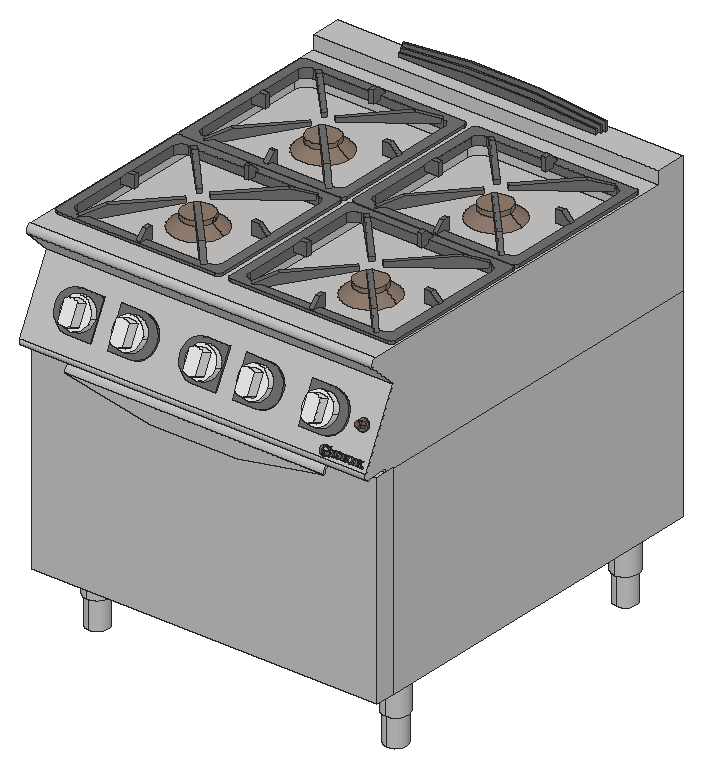
Revit family "QF_GIORIK_CG940E", category Specialty Equipment, Revit 2014
Parameters (values of type "CG940E")
  Weight in Pounds = 374.7854
  Watts = 6000 W
  Volts = 400 V
  URL Cutsheet = "www.giorik.com"
  URL = "www.giorik.com"
  Status [instance] = ""
  Specification by User [instance] = ""
  Specification by Manufacturer = ""
  Show Logo [instance] = yes
  Show Clearance [instance] = yes
  Serial Number = ""
  Seismic Rating = ""
  SMACNA No = ""
  Revision Code [instance] = ""
  Phase = 3
  Number of Poles [instance] = 3
  NAFEM Spec ID Number = ""
  Model = "CG940E"
  Min Ckt Ampacity = 0 A
  Mechanical Remarks [instance] = "Natural Gas"
  Mechanical Connection Type [instance] = ""
  Max Overcurrent Protection = 0 A
  Masterspec = ""
  Manufacturer = "GIORIK"
  Item Number [instance] = ""
  Installed By [instance] = ""
  Identify Quantity as Lot [instance] = no
  HP = "8.046120000000"
  Gas Size = 1"
  Gas RI Height [instance] = 0 mm
  Gas KW = 32
  Gas Input = 32000 W
  Gas Connection Height [instance] = 150 mm
  Furnished By [instance] = ""
  Foodservice Equipment Identifier [instance] = yes
  FL Amps = 0 A
  Electrical Remarks [instance] = ""
  Electric Connection Type [instance] = ""
  Elec Conn RI Height [instance] = 0 mm
  Elec Conn Connection Height [instance] = 150 mm
  Description = "4 BURNER GAS RANGE ON ELECTRIC OVEN"
  Cycle = 50 Hz
  Conn Plug = ""
  Conn Conduit [instance] = no
  CSI MasterFormat = ""
  Assembly Code = "E1090320"
  Apparent Power = 6000 VA
Reference planes
  plane 1 "Back": y = 0
  plane 2: z = 0
  plane 3 "Left": x = 0
  plane 4 "Right": x = 800
  plane 5 "Front": y = -920
  plane 6 "Top": z = 899.988
Forms (mm)
  Extrusion 1, solid
    sketch origin (-16, 358.115, 0) x (1, 0, 0) y (0, 1, 0)
      loop
        line (25, -1086.81) -> (25, -1156.81) -> (115, -1156.81) -> (115, -1086.81) -> (25, -1086.81)
    from 148 to 150
  Revolve 2, solid
    sketch origin (54, 358.115, 0) x (0, 1, 0) y (0, 0, 1)
      loop
        line (-1092.56, 66) -> (-1092.56, 148) -> (-1121.81, 148) -> (-1121.81, 0) -> (-1096.81, 0) -> (-1096.81, 66) -> (-1092.56, 66)
      axis (-1121.81, 0) -> (-1121.81, 148)
    angle from 0 to 360
  Extrusion 3, solid
    sketch origin (-16, 1023.115, 0) x (1, 0, 0) y (0, 1, 0)
      loop
        line (25, -1086.81) -> (25, -1156.81) -> (115, -1156.81) -> (115, -1086.81) -> (25, -1086.81)
    from 148 to 150
  Revolve 4, solid
    sketch origin (54, 1023.115, 0) x (0, 1, 0) y (0, 0, 1)
      loop
        line (-1092.56, 66) -> (-1092.56, 148) -> (-1121.81, 148) -> (-1121.81, 0) -> (-1096.81, 0) -> (-1096.81, 66) -> (-1092.56, 66)
      axis (-1121.81, 0) -> (-1121.81, 148)
    angle from 0 to 360
  Extrusion 5, void
    sketch origin (0, -2.695, 899.988) x (0, 1, 0) y (-1, 0, 0)
      loop
        arc (-120, -50.16) -> (-128.787, -28.947) -> (-150, -20.16) r 30
        line (-150, -20.16) -> (-790.004, -20.16)
        arc (-790.004, -20.16) -> (-811.217, -28.947) -> (-820.004, -50.16) r 30
        line (-820.004, -50.16) -> (-820.004, -352.046)
        arc (-820.004, -352.046) -> (-811.217, -373.259) -> (-790.004, -382.046) r 30
        line (-790.004, -382.046) -> (-150, -382.046)
        arc (-150, -382.046) -> (-128.787, -373.259) -> (-120, -352.046) r 30
        line (-120, -352.046) -> (-120, -50.16)
    from -30 to -70
  Extrusion 6, solid
    sketch origin (0, -2.695, 0) x (1, 0, 0) y (0, 1, 0)
      loop
        line (40, -40) -> (40, -837.167) -> (760, -837.167) -> (760, -40) -> (40, -40)
    from 150 to 190
  Extrusion 7, solid
    sketch origin (-4, -2.717, 130) x (1, 0, 0) y (0, 1, 0)
      loop
        circle (54, -385) r 12.5
    from 0 to 20
  Extrusion 8, solid
    sketch origin (0, -377.247, -30) x (1, 0, 0) y (0, 1, 0)
      loop
        circle (200.046, -276.449) r 35
    from 889.988 to 879.988
  Extrusion 9, solid
    sketch origin (159.325, -432.708, -71.012) x (0, -1, 0) y (0, 0, -1)
      loop
        line (43.989, -935.989) -> (73, -965) -> (79.749, -965) -> (79.749, -935.989) -> (43.989, -935.989)
    from 35.72 to 45.72
  Extrusion 10, solid
    sketch origin (0, -377.247, -30) x (1, 0, 0) y (0, 1, 0)
      loop
        circle (200.046, -276.449) r 35
    from 889.988 to 879.988
  Blend 11, solid
    base sketch origin (0, -377.247, 899.988) x (0, 1, 0) y (-1, 0, 0)
      loop
        circle (-276.449, -200.046) r 60
    top sketch origin (0, -377.247, 899.988) x (0, 1, 0) y (-1, 0, 0)
      loop
        circle (-276.449, -200.046) r 35
    from -70 to -50
  Extrusion 12, solid
    sketch origin (-15.829, -703.415, -71.012) x (1, 0, 0) y (0, 0, -1)
      loop
        line (35.989, -935.989) -> (65, -965) -> (79.749, -965) -> (79.749, -935.989) -> (35.989, -935.989)
    from 35.72 to 45.72
  Extrusion 13, solid
    sketch origin (415.921, -703.415, -71.012) x (-1, 0, 0) y (0, 0, 1)
      loop
        line (35.989, 935.989) -> (79.749, 935.989) -> (79.749, 965) -> (65, 965) -> (35.989, 935.989)
    from 35.72 to 45.72
  Extrusion 14, solid
    sketch origin (0.046, -427.695, 22.988) x (1, 0, 0) y (0, 1, 0)
      loop
        line (8, -55.002) -> (8, -395.004)
        arc (8, -395.004) -> (10.929, -402.075) -> (18, -405.004) r 10
        line (18, -405.004) -> (382, -405.004)
        arc (382, -405.004) -> (389.071, -402.075) -> (392, -395.004) r 10
        line (392, -395.004) -> (392, -55.002)
        arc (392, -55.002) -> (389.071, -47.931) -> (382, -45.002) r 10
        line (382, -45.002) -> (18, -45.002)
        arc (18, -45.002) -> (10.929, -47.931) -> (8, -55.002) r 10
      loop
        arc (49.954, -67.002) -> (35.812, -72.86) -> (29.954, -87.002) r 20
        line (29.954, -87.002) -> (29.954, -365.004)
        arc (29.954, -365.004) -> (35.812, -379.146) -> (49.954, -385.004) r 20
        line (49.954, -385.004) -> (349.954, -385.004)
        arc (349.954, -385.004) -> (364.097, -379.146) -> (369.954, -365.004) r 20
        line (369.954, -365.004) -> (369.954, -87.002)
        arc (369.954, -87.002) -> (364.097, -72.86) -> (349.954, -67.002) r 20
        line (349.954, -67.002) -> (49.954, -67.002)
    from 831.989 to 851.989
  Extrusion 15, solid
    sketch origin (347.736, -432.53, -2.821) x (-0.670885, -0.741561, 0) y (0, 0, -1)
      loop
        line (239.679, -896.808) -> (239.679, -888.14) -> (57.778, -867.797) -> (36.748, -867.797) -> (36.748, -875.452) -> (95.425, -896.808) -> (239.679, -896.808)
    from 30.148 to 40.148
  Extrusion 16, solid
    sketch origin (52.421, -432.594, -2.821) x (0.670878, -0.741568, 0) y (0, 0, 1)
      loop
        line (239.588, 896.808) -> (95.425, 896.808) -> (36.748, 875.452) -> (36.748, 867.797) -> (57.778, 867.797) -> (239.588, 888.13) -> (239.588, 896.808)
    from 30.148 to 40.148
  Extrusion 17, solid
    sketch origin (347.735, -874.862, -2.821) x (-0.670878, 0.741568, 0) y (0, 0, 1)
      loop
        line (239.679, 896.808) -> (95.425, 896.808) -> (36.748, 875.452) -> (36.748, 867.797) -> (57.778, 867.797) -> (239.679, 888.14) -> (239.679, 896.808)
    from 30.148 to 40.148
  Extrusion 18, solid
    sketch origin (52.356, -874.862, -2.821) x (0.670885, 0.741561, 0) y (0, 0, -1)
      loop
        line (239.679, -896.808) -> (239.679, -888.14) -> (57.778, -867.797) -> (36.748, -867.797) -> (36.748, -875.452) -> (95.425, -896.808) -> (239.679, -896.808)
    from 30.148 to 40.148
  Extrusion 19, solid
    sketch origin (240.72, -872.688, -71.012) x (0, 1, 0) y (0, 0, -1)
      loop
        line (35.989, -935.989) -> (65, -965) -> (79.749, -965) -> (79.749, -935.989) -> (35.989, -935.989)
    from 35.72 to 45.72
  Extrusion 20, solid
    sketch origin (159.325, -512.686, -71.012) x (0, 1, 0) y (0, 0, 1)
      loop
        line (44.738, 935.989) -> (79.749, 935.989) -> (79.749, 965) -> (73.749, 965) -> (44.738, 935.989)
    from 35.72 to 45.72
  Extrusion 21, solid
    sketch origin (-15.829, -241.978, -71.012) x (1, 0, 0) y (0, 0, 1)
      loop
        line (35.989, 935.989) -> (79.749, 935.989) -> (79.749, 965) -> (65, 965) -> (35.989, 935.989)
    from 35.72 to 45.72
  Extrusion 22, solid
    sketch origin (415.921, -241.978, -71.012) x (-1, 0, 0) y (0, 0, -1)
      loop
        line (35.989, -935.989) -> (65, -965) -> (79.749, -965) -> (79.749, -935.989) -> (35.989, -935.989)
    from 35.72 to 45.72
  Extrusion 23, solid
    sketch origin (0.046, -517.698, 22.988) x (1, 0, 0) y (0, 1, 0)
      loop
        arc (8, 55.002) -> (10.929, 47.931) -> (18, 45.002) r 10
        line (18, 45.002) -> (382, 45.002)
        arc (382, 45.002) -> (389.071, 47.931) -> (392, 55.002) r 10
        line (392, 55.002) -> (392, 395.004)
        arc (392, 395.004) -> (389.071, 402.075) -> (382, 405.004) r 10
        line (382, 405.004) -> (18, 405.004)
        arc (18, 405.004) -> (10.929, 402.075) -> (8, 395.004) r 10
        line (8, 395.004) -> (8, 55.002)
      loop
        line (49.954, 67.002) -> (349.954, 67.002)
        arc (349.954, 67.002) -> (364.097, 72.86) -> (369.954, 87.002) r 20
        line (369.954, 87.002) -> (369.954, 365.004)
        arc (369.954, 365.004) -> (364.097, 379.146) -> (349.954, 385.004) r 20
        line (349.954, 385.004) -> (49.954, 385.004)
        arc (49.954, 385.004) -> (35.812, 379.146) -> (29.954, 365.004) r 20
        line (29.954, 365.004) -> (29.954, 87.002)
        arc (29.954, 87.002) -> (35.812, 72.86) -> (49.954, 67.002) r 20
    from 831.989 to 851.989
  Extrusion 24, solid
    sketch origin (347.736, -512.863, -2.821) x (-0.670885, 0.741561, 0) y (0, 0, 1)
      loop
        line (239.679, 896.808) -> (95.425, 896.808) -> (36.748, 875.452) -> (36.748, 867.797) -> (57.778, 867.797) -> (239.679, 888.14) -> (239.679, 896.808)
    from 30.148 to 40.148
  Extrusion 25, solid
    sketch origin (52.421, -512.799, -2.821) x (0.670878, 0.741568, 0) y (0, 0, -1)
      loop
        line (239.588, -896.808) -> (239.588, -888.13) -> (57.778, -867.797) -> (36.748, -867.797) -> (36.748, -875.452) -> (95.425, -896.808) -> (239.588, -896.808)
    from 30.148 to 40.148
  Extrusion 26, solid
    sketch origin (347.735, -70.532, -2.821) x (-0.670878, -0.741568, 0) y (0, 0, -1)
      loop
        line (239.679, -896.808) -> (239.679, -888.14) -> (57.778, -867.797) -> (36.748, -867.797) -> (36.748, -875.452) -> (95.425, -896.808) -> (239.679, -896.808)
    from 30.148 to 40.148
  Extrusion 27, solid
    sketch origin (52.356, -70.532, -2.821) x (0.670885, -0.741561, 0) y (0, 0, 1)
      loop
        line (239.679, 896.808) -> (95.425, 896.808) -> (36.748, 875.452) -> (36.748, 867.797) -> (57.778, 867.797) -> (239.679, 888.14) -> (239.679, 896.808)
    from 30.148 to 40.148
  Extrusion 28, solid
    sketch origin (240.72, -72.706, -71.012) x (0, -1, 0) y (0, 0, 1)
      loop
        line (35.989, 935.989) -> (79.749, 935.989) -> (79.749, 965) -> (65, 965) -> (35.989, 935.989)
    from 35.72 to 45.72
  Extrusion 29, solid
    sketch origin (676, 358.115, 0) x (1, 0, 0) y (0, 1, 0)
      loop
        line (25, -1086.81) -> (25, -1156.81) -> (115, -1156.81) -> (115, -1086.81) -> (25, -1086.81)
    from 148 to 150
  Revolve 30, solid
    sketch origin (746, 358.115, 0) x (0, 1, 0) y (0, 0, 1)
      loop
        line (-1092.56, 66) -> (-1092.56, 148) -> (-1121.81, 148) -> (-1121.81, 0) -> (-1096.81, 0) -> (-1096.81, 66) -> (-1092.56, 66)
      axis (-1121.81, 0) -> (-1121.81, 148)
    angle from 0 to 360
  Extrusion 31, solid
    sketch origin (676, 1023.115, 0) x (1, 0, 0) y (0, 1, 0)
      loop
        line (25, -1086.81) -> (25, -1156.81) -> (115, -1156.81) -> (115, -1086.81) -> (25, -1086.81)
    from 148 to 150
  Revolve 32, solid
    sketch origin (746, 1023.115, 0) x (0, 1, 0) y (0, 0, 1)
      loop
        line (-1092.56, 66) -> (-1092.56, 148) -> (-1121.81, 148) -> (-1121.81, 0) -> (-1096.81, 0) -> (-1096.81, 66) -> (-1092.56, 66)
      axis (-1121.81, 0) -> (-1121.81, 148)
    angle from 0 to 360
  Extrusion 33, solid
    sketch origin (559.325, -432.708, -71.012) x (0, -1, 0) y (0, 0, -1)
      loop
        line (35.989, -935.989) -> (65, -965) -> (79.749, -965) -> (79.749, -935.989) -> (35.989, -935.989)
    from 35.72 to 45.72
  Extrusion 34, solid
    sketch origin (384.171, -703.415, -71.012) x (1, 0, 0) y (0, 0, -1)
      loop
        line (35.989, -935.989) -> (65, -965) -> (79.749, -965) -> (79.749, -935.989) -> (35.989, -935.989)
    from 35.72 to 45.72
  Extrusion 35, solid
    sketch origin (815.921, -703.415, -71.012) x (-1, 0, 0) y (0, 0, 1)
      loop
        line (35.989, 935.989) -> (79.749, 935.989) -> (79.749, 965) -> (65, 965) -> (35.989, 935.989)
    from 35.72 to 45.72
  Extrusion 36, solid
    sketch origin (400.046, -427.695, 22.988) x (1, 0, 0) y (0, 1, 0)
      loop
        line (8, -55.002) -> (8, -395.004)
        arc (8, -395.004) -> (10.929, -402.075) -> (18, -405.004) r 10
        line (18, -405.004) -> (382, -405.004)
        arc (382, -405.004) -> (389.071, -402.075) -> (392, -395.004) r 10
        line (392, -395.004) -> (392, -55.002)
        arc (392, -55.002) -> (389.071, -47.931) -> (382, -45.002) r 10
        line (382, -45.002) -> (18, -45.002)
        arc (18, -45.002) -> (10.929, -47.931) -> (8, -55.002) r 10
      loop
        arc (49.954, -67.002) -> (35.812, -72.86) -> (29.954, -87.002) r 20
        line (29.954, -87.002) -> (29.954, -365.004)
        arc (29.954, -365.004) -> (35.812, -379.146) -> (49.954, -385.004) r 20
        line (49.954, -385.004) -> (349.954, -385.004)
        arc (349.954, -385.004) -> (364.097, -379.146) -> (369.954, -365.004) r 20
        line (369.954, -365.004) -> (369.954, -87.002)
        arc (369.954, -87.002) -> (364.097, -72.86) -> (349.954, -67.002) r 20
        line (349.954, -67.002) -> (49.954, -67.002)
    from 831.989 to 851.989
  Extrusion 37, solid
    sketch origin (747.736, -432.53, -2.821) x (-0.670885, -0.741561, 0) y (0, 0, -1)
      loop
        line (239.679, -896.808) -> (239.679, -888.14) -> (57.778, -867.797) -> (36.748, -867.797) -> (36.748, -875.452) -> (95.425, -896.808) -> (239.679, -896.808)
    from 30.148 to 40.148
  Extrusion 38, solid
    sketch origin (452.421, -432.594, -2.821) x (0.670878, -0.741568, 0) y (0, 0, 1)
      loop
        line (239.588, 896.808) -> (95.425, 896.808) -> (36.748, 875.452) -> (36.748, 867.797) -> (57.778, 867.797) -> (239.588, 888.13) -> (239.588, 896.808)
    from 30.148 to 40.148
  Extrusion 39, solid
    sketch origin (747.735, -874.862, -2.821) x (-0.670878, 0.741568, 0) y (0, 0, 1)
      loop
        line (239.679, 896.808) -> (95.425, 896.808) -> (36.748, 875.452) -> (36.748, 867.797) -> (57.778, 867.797) -> (239.679, 888.14) -> (239.679, 896.808)
    from 30.148 to 40.148
  Extrusion 40, solid
    sketch origin (452.356, -874.862, -2.821) x (0.670885, 0.741561, 0) y (0, 0, -1)
      loop
        line (239.679, -896.808) -> (239.679, -888.14) -> (57.778, -867.797) -> (36.748, -867.797) -> (36.748, -875.452) -> (95.425, -896.808) -> (239.679, -896.808)
    from 30.148 to 40.148
  Extrusion 41, solid
    sketch origin (640.72, -872.688, -71.012) x (0, 1, 0) y (0, 0, -1)
      loop
        line (35.989, -935.989) -> (65, -965) -> (79.749, -965) -> (79.749, -935.989) -> (35.989, -935.989)
    from 35.72 to 45.72
  Extrusion 42, solid
    sketch origin (559.325, -512.686, -71.012) x (0, 1, 0) y (0, 0, 1)
      loop
        line (35.989, 935.989) -> (79.749, 935.989) -> (79.749, 965) -> (65, 965) -> (35.989, 935.989)
    from 35.72 to 45.72
  Extrusion 43, solid
    sketch origin (384.171, -241.978, -71.012) x (1, 0, 0) y (0, 0, 1)
      loop
        line (35.989, 935.989) -> (79.749, 935.989) -> (79.749, 965) -> (65, 965) -> (35.989, 935.989)
    from 35.72 to 45.72
  Extrusion 44, solid
    sketch origin (815.921, -241.978, -71.012) x (-1, 0, 0) y (0, 0, -1)
      loop
        line (35.989, -935.989) -> (65, -965) -> (79.749, -965) -> (79.749, -935.989) -> (35.989, -935.989)
    from 35.72 to 45.72
  Extrusion 45, solid
    sketch origin (400.046, -517.698, 22.988) x (1, 0, 0) y (0, 1, 0)
      loop
        arc (8, 55.002) -> (10.929, 47.931) -> (18, 45.002) r 10
        line (18, 45.002) -> (382, 45.002)
        arc (382, 45.002) -> (389.071, 47.931) -> (392, 55.002) r 10
        line (392, 55.002) -> (392, 395.004)
        arc (392, 395.004) -> (389.071, 402.075) -> (382, 405.004) r 10
        line (382, 405.004) -> (18, 405.004)
        arc (18, 405.004) -> (10.929, 402.075) -> (8, 395.004) r 10
        line (8, 395.004) -> (8, 55.002)
      loop
        line (49.954, 67.002) -> (349.954, 67.002)
        arc (349.954, 67.002) -> (364.097, 72.86) -> (369.954, 87.002) r 20
        line (369.954, 87.002) -> (369.954, 365.004)
        arc (369.954, 365.004) -> (364.097, 379.146) -> (349.954, 385.004) r 20
        line (349.954, 385.004) -> (49.954, 385.004)
        arc (49.954, 385.004) -> (35.812, 379.146) -> (29.954, 365.004) r 20
        line (29.954, 365.004) -> (29.954, 87.002)
        arc (29.954, 87.002) -> (35.812, 72.86) -> (49.954, 67.002) r 20
    from 831.989 to 851.989
  Extrusion 46, solid
    sketch origin (747.736, -512.863, -2.821) x (-0.670885, 0.741561, 0) y (0, 0, 1)
      loop
        line (239.679, 896.808) -> (95.425, 896.808) -> (36.748, 875.452) -> (36.748, 867.797) -> (57.778, 867.797) -> (239.679, 888.14) -> (239.679, 896.808)
    from 30.148 to 40.148
  Extrusion 47, solid
    sketch origin (452.421, -512.799, -2.821) x (0.670878, 0.741568, 0) y (0, 0, -1)
      loop
        line (239.588, -896.808) -> (239.588, -888.13) -> (57.778, -867.797) -> (36.748, -867.797) -> (36.748, -875.452) -> (95.425, -896.808) -> (239.588, -896.808)
    from 30.148 to 40.148
  Extrusion 48, solid
    sketch origin (747.735, -70.532, -2.821) x (-0.670878, -0.741568, 0) y (0, 0, -1)
      loop
        line (239.679, -896.808) -> (239.679, -888.14) -> (57.778, -867.797) -> (36.748, -867.797) -> (36.748, -875.452) -> (95.425, -896.808) -> (239.679, -896.808)
    from 30.148 to 40.148
  Extrusion 49, solid
    sketch origin (452.356, -70.532, -2.821) x (0.670885, -0.741561, 0) y (0, 0, 1)
      loop
        line (239.679, 896.808) -> (95.425, 896.808) -> (36.748, 875.452) -> (36.748, 867.797) -> (57.778, 867.797) -> (239.679, 888.14) -> (239.679, 896.808)
    from 30.148 to 40.148
  Extrusion 50, solid
    sketch origin (640.72, -72.706, -71.012) x (0, -1, 0) y (0, 0, 1)
      loop
        line (35.989, 935.989) -> (79.749, 935.989) -> (79.749, 965) -> (65, 965) -> (35.989, 935.989)
    from 35.72 to 45.72
  Blend 51, solid
    base sketch origin (0, -15.249, 899.988) x (0, 1, 0) y (-1, 0, 0)
      loop
        circle (-276.449, -200.046) r 60
    top sketch origin (0, -15.249, 899.988) x (0, 1, 0) y (-1, 0, 0)
      loop
        circle (-276.449, -200.046) r 35
    from -70 to -50
  Extrusion 52, solid
    sketch origin (0, -15.249, -30) x (1, 0, 0) y (0, 1, 0)
      loop
        circle (200.046, -276.449) r 35
    from 889.988 to 879.988
  Blend 53, solid
    base sketch origin (400, -377.247, 899.988) x (0, 1, 0) y (-1, 0, 0)
      loop
        circle (-276.449, -200.046) r 60
    top sketch origin (400, -377.247, 899.988) x (0, 1, 0) y (-1, 0, 0)
      loop
        circle (-276.449, -200.046) r 35
    from -70 to -50
  Extrusion 54, solid
    sketch origin (400, -377.247, -30) x (1, 0, 0) y (0, 1, 0)
      loop
        circle (200.046, -276.449) r 35
    from 889.988 to 879.988
  Blend 55, solid
    base sketch origin (400, -15.249, 899.988) x (0, 1, 0) y (-1, 0, 0)
      loop
        circle (-276.449, -200.046) r 60
    top sketch origin (400, -15.249, 899.988) x (0, 1, 0) y (-1, 0, 0)
      loop
        circle (-276.449, -200.046) r 35
    from -70 to -50
  Extrusion 56, solid
    sketch origin (400, -15.249, -30) x (1, 0, 0) y (0, 1, 0)
      loop
        circle (200.046, -276.449) r 35
    from 889.988 to 879.988
  Extrusion 57, solid
    sketch origin (0, -2.695, 599.536) x (1, 0, 0) y (0, 1, 0)
      loop
        line (0, -837.167) -> (40, -837.167) -> (40, -40) -> (760, -40) -> (760, -837.167) -> (800, -837.167) -> (800, 2.695) -> (0, 2.695) -> (0, -837.167)
    from -449.536 to 20.464
  Extrusion 58, solid
    sketch origin (0, 802.838, -20) x (0, 1, 0) y (0, 0, 1)
      loop
        line (-802.838, 919.988) -> (-872.836, 919.988) -> (-872.836, 889.988) -> (-1691.506, 889.988)
        arc (-1691.506, 889.988) -> (-1701.851, 883.075) -> (-1699.424, 870.873) r 11.197
        line (-1699.424, 870.873) -> (-1643.576, 815.025) -> (-1721.648, 661.258)
        arc (-1721.648, 661.258) -> (-1720.933, 650.105) -> (-1710.818, 645.354) r 10.981
        line (-1710.818, 645.354) -> (-1662.7, 649.925) -> (-1662.7, 640) -> (-802.838, 640) -> (-802.838, 919.988)
    from 0 to 800
  Extrusion 59, solid
    sketch origin (36.194, -2.56, -10.001) x (1, 0, 0) y (0, 0, 1)
      loop
        line (135, 909.989) -> (592.969, 909.989) -> (592.969, 919.989) -> (440.969, 929.989) -> (287, 929.989) -> (135, 919.989) -> (135, 909.989)
    from 32 to 35
  Extrusion 60, solid
    sketch origin (38.163, 7.44, -10.001) x (1, 0, 0) y (0, 0, 1)
      loop
        line (594, 909.989) -> (594, 924.989) -> (440, 937.489) -> (284, 937.489) -> (130, 925.001) -> (130, 909.989) -> (594, 909.989)
    from 32 to 35
  Extrusion 61, solid
    sketch origin (40.163, 17.44, -10.001) x (1, 0, 0) y (0, 0, 1)
      loop
        line (595, 909.989) -> (595, 930.001) -> (439, 945.258) -> (281, 945.258) -> (125, 929.989) -> (125, 909.989) -> (595, 909.989)
    from 32 to 35
  Extrusion 62, solid
    sketch origin (0, -924.862, 0) x (1, 0, 0) y (0, 0, 1)
      loop
        line (0, 620) -> (0, 150) -> (800, 150) -> (800, 620) -> (0, 620)
    from -85 to -40
  Extrusion 63, solid
    sketch origin (2.5, -924.862, -20.1) x (0, 1, 0) y (0, 0, 1)
      loop
        arc (25, 640.1) -> (14.393, 635.707) -> (10, 625.1) r 15
        line (10, 625.1) -> (12, 625.1)
        arc (12, 625.1) -> (15.808, 634.292) -> (25, 638.1) r 13
        line (25, 638.1) -> (40, 638.1) -> (40, 640.1) -> (25, 640.1)
    from 97.5 to 697.5
  Extrusion 64, solid
    sketch origin (2.5, -924.767, -20.1) x (1, 0, 0) y (0, 0, 1)
      loop
        arc (97.5, 625.1) -> (397.5, 582.413) -> (697.5, 625.1) r 1075.531
        line (697.5, 625.1) -> (97.5, 625.1)
    from -11.905 to -9.905
  Extrusion 65, solid, visible <- "Show Clearance", detail levels coarse
    sketch origin (0, -199.862, 0) x (0, 1, 0) y (0, 0, 1)
      loop
        line (-685, 150) -> (-685, 620)
        arc (-685, 620) -> (-1017.34, 482.34) -> (-1155, 150) r 470
        line (-1155, 150) -> (-685, 150)
    from 0 to 800
  Extrusion 66, solid
    sketch origin (-313.221, -1164.399, 51.983) x (1, 0, 0) y (0, 0.452718, 0.891654)
      loop
        line (463.221, 676.25) -> (463.221, 766.25) -> (409.698, 766.25)
        arc (409.698, 766.25) -> (364.698, 721.25) -> (409.698, 676.25) r 45
        line (409.698, 676.25) -> (463.221, 676.25)
    from 48 to 50
  Extrusion 67, solid
    sketch origin (653.221, -1164.399, 51.983) x (-1, 0, 0) y (0, -0.452718, -0.891654)
      loop
        line (463.221, -676.25) -> (409.698, -676.25)
        arc (409.698, -676.25) -> (364.698, -721.25) -> (409.698, -766.25) r 45
        line (409.698, -766.25) -> (463.221, -766.25) -> (463.221, -676.25)
    from 48 to 50
  Extrusion 68, solid
    sketch origin (-121.331, -1209.751, 74.579) x (1, 0, 0) y (0, 0.45351, 0.891251)
      loop
        circle (351.331, 721.346) r 35
    from 0 to 15
  Extrusion 69, solid
    sketch origin (-121.331, -1209.751, 74.579) x (1, 0, 0) y (0, 0.45351, 0.891251)
      loop
        line (336.331, 743.846) -> (336.331, 698.846)
        arc (336.331, 698.846) -> (351.331, 693.846) -> (366.331, 698.846) r 25
        line (366.331, 698.846) -> (366.331, 743.846)
        arc (366.331, 743.846) -> (351.331, 748.846) -> (336.331, 743.846) r 25
    from 15 to 40
  Extrusion 70, solid, visible <- "Show Logo"
    sketch origin (596.604, -937.204, 608.344) x (-1, 0, 0) y (0, 0.452718, 0.891654)
      loop
        line (-118.824, 58.358) -> (-127.804, 58.358) -> (-125.523, 56.445) -> (-125.523, 48.027) -> (-127.804, 46.113) -> (-118.824, 46.113) -> (-121.105, 48.027) -> (-121.105, 56.445) -> (-118.824, 58.358)
      loop
        line (-163.721, 58.358) -> (-172.7, 58.358) -> (-170.42, 56.445) -> (-170.42, 48.027) -> (-172.7, 46.113) -> (-163.721, 46.113) -> (-166.001, 48.027) -> (-166.001, 56.445) -> (-163.721, 58.358)
      loop
        line (-174.332, 58.358) -> (-183.312, 58.358) -> (-181.031, 56.445) -> (-181.031, 52.435) -> (-186.419, 56.955) -> (-184.416, 58.358) -> (-191.268, 58.358) -> (-188.01, 56.839) -> (-185.455, 54.283) -> (-190.846, 47.858) -> (-193.396, 46.93) -> (-193.396, 46.113) -> (-184.416, 46.113) -> (-185.437, 47.571) -> (-182.443, 51.552) -> (-181.031, 50.894) -> (-181.031, 48.027) -> (-183.312, 46.113) -> (-174.332, 46.113) -> (-176.613, 48.027) -> (-176.613, 56.445) -> (-174.332, 58.358)
      loop
        line (-115.429, 62.063) -> (-115.429, 54.198)
        arc (-115.429, 54.198) -> (-111.618, 57.803) -> (-106.847, 59.986) r 16.039
        arc (-106.847, 59.986) -> (-103.314, 59.837) -> (-100.512, 57.68) r 5.851
        arc (-100.512, 57.68) -> (-98.815, 52.267) -> (-100.512, 46.853) r 9.479
        arc (-100.512, 46.853) -> (-102.406, 44.986) -> (-104.846, 43.93) r 7.236
        arc (-104.846, 43.93) -> (-107.728, 44.111) -> (-110.052, 45.825) r 5.11
        line (-110.052, 45.825) -> (-110.052, 52.001) -> (-116.141, 52.001) -> (-116.141, 45.503) -> (-117.893, 43.751) -> (-114.094, 44.769)
        arc (-114.094, 44.769) -> (-112.56, 44.947) -> (-111.129, 44.366) r 3.115
        arc (-111.129, 44.366) -> (-104.216, 42.091) -> (-97.303, 44.366) r 11.641
        arc (-97.303, 44.366) -> (-93.396, 52.107) -> (-97.303, 59.849) r 9.622
        arc (-97.303, 59.849) -> (-104.369, 62.174) -> (-111.435, 59.849) r 11.898
        line (-111.435, 59.849) -> (-115.429, 62.063)
      loop
        arc (-129.234, 56.068) -> (-135.893, 58.628) -> (-142.552, 56.068) r 9.941
        arc (-142.552, 56.068) -> (-144.234, 52.286) -> (-142.552, 48.505) r 5.093
        arc (-142.552, 48.505) -> (-135.893, 45.945) -> (-129.234, 48.505) r 9.941
        arc (-129.234, 48.505) -> (-127.552, 52.286) -> (-129.234, 56.068) r 5.093
      loop
        arc (-132.628, 54.403) -> (-135.893, 57.668) -> (-139.158, 54.403) r 3.265
        line (-139.158, 54.403) -> (-139.158, 50.169)
        arc (-139.158, 50.169) -> (-135.893, 46.904) -> (-132.628, 50.169) r 3.265
        line (-132.628, 50.169) -> (-132.628, 54.403)
      loop
        arc (-156.363, 58.365) -> (-159.647, 55.081) -> (-156.363, 51.796) r 3.285
        line (-156.363, 51.796) -> (-159.529, 47.306) -> (-162.087, 46.113) -> (-155.847, 46.113) -> (-153.529, 51.083) -> (-150.637, 51.083) -> (-150.637, 47.784) -> (-153.022, 46.113) -> (-144.011, 46.113) -> (-146.094, 47.68) -> (-146.094, 56.493) -> (-144.229, 58.365) -> (-156.363, 58.365)
      loop
        line (-150.637, 57.512) -> (-153.637, 57.512)
        arc (-153.637, 57.512) -> (-156.237, 54.912) -> (-153.637, 52.312) r 2.6
        line (-153.637, 52.312) -> (-150.637, 52.312) -> (-150.637, 57.512)
      loop
        line (-108.924, 52.001) -> (-104.936, 49.005) -> (-100.948, 52.001) -> (-108.924, 52.001)
    from 1.5 to -0.5
  Extrusion 71, solid
    sketch origin (461.331, -1209.751, 74.579) x (-1, 0, 0) y (0, -0.45351, -0.891251)
      loop
        circle (351.331, -721.346) r 35
    from 0 to 15
  Extrusion 72, solid
    sketch origin (461.331, -1209.751, 74.579) x (-1, 0, 0) y (0, -0.45351, -0.891251)
      loop
        arc (336.331, -743.846) -> (351.331, -748.846) -> (366.331, -743.846) r 25
        line (366.331, -743.846) -> (366.331, -698.846)
        arc (366.331, -698.846) -> (351.331, -693.846) -> (336.331, -698.846) r 25
        line (336.331, -698.846) -> (336.331, -743.846)
    from 15 to 40
  Extrusion 73, solid
    sketch origin (943.221, -1164.399, 51.983) x (-1, 0, 0) y (0, -0.452718, -0.891654)
      loop
        line (463.221, -676.25) -> (409.698, -676.25)
        arc (409.698, -676.25) -> (364.698, -721.25) -> (409.698, -766.25) r 45
        line (409.698, -766.25) -> (463.221, -766.25) -> (463.221, -676.25)
    from 48 to 50
  Extrusion 74, solid
    sketch origin (-23.221, -1164.399, 51.983) x (1, 0, 0) y (0, 0.452718, 0.891654)
      loop
        line (463.221, 676.25) -> (463.221, 766.25) -> (409.698, 766.25)
        arc (409.698, 766.25) -> (364.698, 721.25) -> (409.698, 676.25) r 45
        line (409.698, 676.25) -> (463.221, 676.25)
    from 48 to 50
  Extrusion 75, solid
    sketch origin (751.331, -1209.751, 74.579) x (-1, 0, 0) y (0, -0.45351, -0.891251)
      loop
        circle (351.331, -721.346) r 35
    from 0 to 15
  Extrusion 76, solid
    sketch origin (751.331, -1209.751, 74.579) x (-1, 0, 0) y (0, -0.45351, -0.891251)
      loop
        arc (336.331, -743.846) -> (351.331, -748.846) -> (366.331, -743.846) r 25
        line (366.331, -743.846) -> (366.331, -698.846)
        arc (366.331, -698.846) -> (351.331, -693.846) -> (336.331, -698.846) r 25
        line (336.331, -698.846) -> (336.331, -743.846)
    from 15 to 40
  Extrusion 77, solid
    sketch origin (168.669, -1209.751, 74.579) x (1, 0, 0) y (0, 0.45351, 0.891251)
      loop
        circle (351.331, 721.346) r 35
    from 0 to 15
  Extrusion 78, solid
    sketch origin (168.669, -1209.751, 74.579) x (1, 0, 0) y (0, 0.45351, 0.891251)
      loop
        line (336.331, 743.846) -> (336.331, 698.846)
        arc (336.331, 698.846) -> (351.331, 693.846) -> (366.331, 698.846) r 25
        line (366.331, 698.846) -> (366.331, 743.846)
        arc (366.331, 743.846) -> (351.331, 748.846) -> (336.331, 743.846) r 25
    from 15 to 40
  Extrusion 79, solid
    sketch origin (1095.078, -1164.399, 51.53) x (-1, 0, 0) y (0, -0.452718, -0.891654)
      loop
        line (463.221, -676.25) -> (409.698, -676.25)
        arc (409.698, -676.25) -> (364.698, -721.25) -> (409.698, -766.25) r 45
        line (409.698, -766.25) -> (463.221, -766.25) -> (463.221, -676.25)
    from 48 to 50
  Extrusion 80, solid
    sketch origin (320.526, -1209.751, 74.126) x (1, 0, 0) y (0, 0.45351, 0.891251)
      loop
        circle (351.331, 721.346) r 35
    from 0 to 15
  Extrusion 81, solid
    sketch origin (320.526, -1209.751, 74.126) x (1, 0, 0) y (0, 0.45351, 0.891251)
      loop
        line (336.331, 743.846) -> (336.331, 698.846)
        arc (336.331, 698.846) -> (351.331, 693.846) -> (366.331, 698.846) r 25
        line (366.331, 698.846) -> (366.331, 743.846)
        arc (366.331, 743.846) -> (351.331, 748.846) -> (336.331, 743.846) r 25
    from 15 to 40
  Extrusion 82, solid
    sketch origin (726.798, -1181.573, 70.024) x (1, 0, 0) y (0, 0.452718, 0.891654)
      loop
        circle (38.702, 711.666) r 12.5
    from 25 to 27
  Extrusion 83, solid
    sketch origin (0.59, -1208.555, 76.521) x (1, 0, 0) y (0, 0.452718, 0.891654)
      loop
        circle (764.91, 718.089) r 6
    from 0 to 15
  Extrusion 84, solid
    sketch origin (0.59, -1209.591, 77.047) x (1, 0, 0) y (0, 0.452718, 0.891654)
      loop
        circle (764.91, 718.089) r 6
    from 13.838 to 15.838
  Extrusion 85, solid
    sketch origin (-143.332, -285.153, 100) x (0, 1, 0) y (-1, 0, 0)
      loop
        circle (-412.542, -898.332) r 10
    from 30 to 50
  Extrusion 86, void
    sketch origin (0, -2.695, 899.988) x (0, 1, 0) y (-1, 0, 0)
      loop
        arc (-120, -451.351) -> (-128.787, -430.138) -> (-150, -421.351) r 30
        line (-150, -421.351) -> (-790.004, -421.351)
        arc (-790.004, -421.351) -> (-811.217, -430.138) -> (-820.004, -451.351) r 30
        line (-820.004, -451.351) -> (-820.004, -751.351)
        arc (-820.004, -751.351) -> (-811.217, -772.565) -> (-790.004, -781.351) r 30
        line (-790.004, -781.351) -> (-150, -781.351)
        arc (-150, -781.351) -> (-128.787, -772.565) -> (-120, -751.351) r 30
        line (-120, -751.351) -> (-120, -451.351)
    from -70 to -30
Cuts and joins
  Extrusion 5, Extrusion 86 cuts Extrusion 58
Lines and regions (mm)
  symbolic lines, style "200-EquipBorder-2D"
    curve 1: line (0, -920, 899.988) -> (0, 0, 899.988)
    curve 72: line (800, 0, 899.988) -> (800, -920, 899.988)
    curve 209: line (800, 0, 899.988) -> (0, 0, 899.988)
    curve 210: line (0, -920, 899.988) -> (800, -920, 899.988)
    curve 211: line (95, -928.467, 899.988) -> (95, -920, 899.988)
    curve 212: line (125, -928.467, 899.988) -> (125, -920, 899.988)
    curve 213: line (215, -928.467, 899.988) -> (215, -920, 899.988)
    curve 214: line (245, -928.467, 899.988) -> (245, -920, 899.988)
    curve 215: line (385, -928.467, 899.988) -> (385, -920, 899.988)
    curve 216: line (415, -928.467, 899.988) -> (415, -920, 899.988)
    curve 217: line (505, -928.467, 899.988) -> (505, -920, 899.988)
    curve 218: line (535, -928.467, 899.988) -> (535, -920, 899.988)
    curve 219: line (656.857, -928.467, 899.988) -> (656.857, -920, 899.988)
    curve 220: line (686.857, -928.467, 899.988) -> (686.857, -920, 899.988)
    curve 221: arc (686.857, -928.467, 899.988) -> (671.857, -930.905, 899.988) -> (656.857, -928.467, 899.988) r 47.374
    curve 222: arc (535, -928.467, 899.988) -> (520, -930.827, 899.988) -> (505, -928.467, 899.988) r 48.856
    curve 223: arc (415, -928.467, 899.988) -> (400, -931.082, 899.988) -> (385, -928.467, 899.988) r 44.33
    curve 224: arc (245, -928.467, 899.988) -> (230, -930.792, 899.988) -> (215, -928.467, 899.988) r 49.548
    curve 225: arc (95, -928.467, 899.988) -> (110, -930.871, 899.988) -> (125, -928.467, 899.988) r 47.998
  symbolic lines, style "200-EquipInternal-2D"
    curve 2: line (67.949, -450.697, 899.988) -> (190.798, -314.903, 899.988)
    curve 3: line (183.382, -308.194, 899.988) -> (54.464, -450.697, 899.988)
    curve 4: line (190.798, -314.903, 899.988) -> (183.382, -308.194, 899.988)
    curve 5: line (183.381, -275.203, 899.988) -> (190.796, -268.494, 899.988)
    curve 6: line (54.455, -132.695, 899.988) -> (183.381, -275.203, 899.988)
    curve 7: line (190.796, -268.494, 899.988) -> (67.94, -132.695, 899.988)
    curve 8: line (332.152, -132.695, 899.988) -> (209.296, -268.496, 899.988)
    curve 9: line (209.296, -268.496, 899.988) -> (216.712, -275.204, 899.988)
    curve 10: line (216.712, -275.204, 899.988) -> (345.637, -132.695, 899.988)
    curve 11: line (216.711, -308.192, 899.988) -> (209.295, -314.901, 899.988)
    curve 12: line (209.295, -314.901, 899.988) -> (332.148, -450.697, 899.988)
    curve 13: line (345.633, -450.697, 899.988) -> (216.711, -308.192, 899.988)
    curve 14: line (336.172, -277.698, 899.988) -> (336.172, -287.698, 899.988)
    curve 15: line (336.172, -287.698, 899.988) -> (370, -287.698, 899.988)
    curve 16: line (370, -277.698, 899.988) -> (336.172, -277.698, 899.988)
    curve 17: line (195, -152.454, 899.988) -> (205, -152.454, 899.988)
    curve 18: line (205, -152.454, 899.988) -> (205, -132.695, 899.988)
    curve 19: line (195, -132.695, 899.988) -> (195, -152.454, 899.988)
    curve 20: line (63.919, -277.698, 899.988) -> (30, -277.698, 899.988)
    curve 21: line (30, -287.698, 899.988) -> (63.919, -287.698, 899.988)
    curve 22: line (63.919, -287.698, 899.988) -> (63.919, -277.698, 899.988)
    curve 23: line (392.046, -462.697, 899.988) -> (392.046, -122.695, 899.988)
    curve 24: arc (392.046, -122.695, 899.988) -> (389.117, -115.624, 899.988) -> (382.046, -112.695, 899.988) r 10
    curve 25: line (382.046, -112.695, 899.988) -> (18.046, -112.695, 899.988)
    curve 26: line (50, -132.695, 899.988) -> (350, -132.695, 899.988)
    curve 27: arc (350, -132.695, 899.988) -> (364.142, -138.553, 899.988) -> (370, -152.695, 899.988) r 20
    curve 28: line (370, -152.695, 899.988) -> (370, -430.697, 899.988)
    curve 29: line (8.046, -122.695, 899.988) -> (8.046, -462.697, 899.988)
    curve 30: arc (18.046, -112.695, 899.988) -> (10.975, -115.624, 899.988) -> (8.046, -122.695, 899.988) r 10
    curve 31: line (30, -430.697, 899.988) -> (30, -152.695, 899.988)
    curve 32: arc (30, -152.695, 899.988) -> (35.858, -138.553, 899.988) -> (50, -132.695, 899.988) r 20
    curve 33: arc (8.046, -462.697, 899.988) -> (10.975, -469.768, 899.988) -> (18.046, -472.697, 899.988) r 10
    curve 34: line (18.046, -472.697, 899.988) -> (382.046, -472.697, 899.988)
    curve 35: line (350, -450.697, 899.988) -> (50, -450.697, 899.988)
    curve 36: arc (50, -450.697, 899.988) -> (35.858, -444.839, 899.988) -> (30, -430.697, 899.988) r 20
    curve 37: arc (370, -430.697, 899.988) -> (364.142, -444.839, 899.988) -> (350, -450.697, 899.988) r 20
    curve 38: arc (382.046, -472.697, 899.988) -> (389.117, -469.768, 899.988) -> (392.046, -462.697, 899.988) r 10
    curve 39: arc (392.046, -482.697, 899.988) -> (389.117, -475.626, 899.988) -> (382.046, -472.697, 899.988) r 10
    curve 40: line (392.046, -822.699, 899.988) -> (392.046, -482.697, 899.988)
    curve 41: arc (350, -494.697, 899.988) -> (364.142, -500.555, 899.988) -> (370, -514.697, 899.988) r 20
    curve 42: line (50, -494.697, 899.988) -> (350, -494.697, 899.988)
    curve 43: line (370, -514.697, 899.988) -> (370, -792.699, 899.988)
    curve 44: arc (370, -792.699, 899.988) -> (364.142, -806.841, 899.988) -> (350, -812.699, 899.988) r 20
    curve 45: line (350, -812.699, 899.988) -> (50, -812.699, 899.988)
    curve 46: line (18.046, -832.699, 899.988) -> (382.046, -832.699, 899.988)
    curve 47: arc (382.046, -832.699, 899.988) -> (389.117, -829.77, 899.988) -> (392.046, -822.699, 899.988) r 10
    curve 48: arc (18.046, -472.697, 899.988) -> (10.975, -475.626, 899.988) -> (8.046, -482.697, 899.988) r 10
    curve 49: line (8.046, -482.697, 899.988) -> (8.046, -822.699, 899.988)
    curve 50: arc (30, -514.697, 899.988) -> (35.858, -500.555, 899.988) -> (50, -494.697, 899.988) r 20
    curve 51: line (30, -792.699, 899.988) -> (30, -514.697, 899.988)
    curve 52: arc (50, -812.699, 899.988) -> (35.858, -806.841, 899.988) -> (30, -792.699, 899.988) r 20
    curve 53: arc (8.046, -822.699, 899.988) -> (10.975, -829.77, 899.988) -> (18.046, -832.699, 899.988) r 10
    curve 54: line (195, -792.939, 899.988) -> (195, -812.699, 899.988)
    curve 55: line (205, -812.699, 899.988) -> (205, -792.939, 899.988)
    curve 56: line (205, -792.939, 899.988) -> (195, -792.939, 899.988)
    curve 57: line (183.381, -670.19, 899.988) -> (54.455, -812.699, 899.988)
    curve 58: line (67.94, -812.699, 899.988) -> (190.796, -676.899, 899.988)
    curve 59: line (190.796, -676.899, 899.988) -> (183.381, -670.19, 899.988)
    curve 60: line (30, -667.695, 899.988) -> (63.919, -667.695, 899.988)
    curve 61: line (63.919, -657.695, 899.988) -> (30, -657.695, 899.988)
    curve 62: line (63.919, -667.695, 899.988) -> (63.919, -657.695, 899.988)
    curve 63: line (190.798, -630.491, 899.988) -> (67.949, -494.697, 899.988)
    curve 64: line (54.464, -494.697, 899.988) -> (183.382, -637.199, 899.988)
    curve 65: line (183.382, -637.199, 899.988) -> (190.798, -630.491, 899.988)
    curve 66: line (209.295, -630.492, 899.988) -> (216.711, -637.201, 899.988)
    curve 67: line (216.711, -637.201, 899.988) -> (345.633, -494.697, 899.988)
    curve 68: line (332.148, -494.697, 899.988) -> (209.295, -630.492, 899.988)
    curve 69: line (216.712, -670.189, 899.988) -> (209.296, -676.898, 899.988)
    curve 70: line (209.296, -676.898, 899.988) -> (332.152, -812.699, 899.988)
    curve 71: line (345.637, -812.699, 899.988) -> (216.712, -670.189, 899.988)
    curve 73: line (467.949, -450.697, 899.988) -> (590.798, -314.903, 899.988)
    curve 74: line (583.382, -308.194, 899.988) -> (454.464, -450.697, 899.988)
    curve 75: line (590.798, -314.903, 899.988) -> (583.382, -308.194, 899.988)
    curve 76: line (583.381, -275.203, 899.988) -> (590.796, -268.494, 899.988)
    curve 77: line (454.455, -132.695, 899.988) -> (583.381, -275.203, 899.988)
    curve 78: line (590.796, -268.494, 899.988) -> (467.94, -132.695, 899.988)
    curve 79: line (732.152, -132.695, 899.988) -> (609.296, -268.496, 899.988)
    curve 80: line (609.296, -268.496, 899.988) -> (616.712, -275.204, 899.988)
    curve 81: line (616.712, -275.204, 899.988) -> (745.637, -132.695, 899.988)
    curve 82: line (616.711, -308.192, 899.988) -> (609.295, -314.901, 899.988)
    curve 83: line (609.295, -314.901, 899.988) -> (732.148, -450.697, 899.988)
    curve 84: line (745.633, -450.697, 899.988) -> (616.711, -308.192, 899.988)
    curve 85: line (736.172, -277.698, 899.988) -> (736.172, -287.698, 899.988)
    curve 86: line (736.172, -287.698, 899.988) -> (770, -287.698, 899.988)
    curve 87: line (770, -277.698, 899.988) -> (736.172, -277.698, 899.988)
    curve 88: line (595, -152.454, 899.988) -> (605, -152.454, 899.988)
    curve 89: line (605, -152.454, 899.988) -> (605, -132.695, 899.988)
    curve 90: line (595, -132.695, 899.988) -> (595, -152.454, 899.988)
    curve 91: line (463.919, -277.698, 899.988) -> (430, -277.698, 899.988)
    curve 92: line (430, -287.698, 899.988) -> (463.919, -287.698, 899.988)
    curve 93: line (463.919, -287.698, 899.988) -> (463.919, -277.698, 899.988)
    curve 94: line (792.046, -462.697, 899.988) -> (792.046, -122.695, 899.988)
    curve 95: arc (792.046, -122.695, 899.988) -> (789.117, -115.624, 899.988) -> (782.046, -112.695, 899.988) r 10
    curve 96: line (782.046, -112.695, 899.988) -> (418.046, -112.695, 899.988)
    curve 97: line (450, -132.695, 899.988) -> (750, -132.695, 899.988)
    curve 98: arc (750, -132.695, 899.988) -> (764.142, -138.553, 899.988) -> (770, -152.695, 899.988) r 20
    curve 99: line (770, -152.695, 899.988) -> (770, -430.697, 899.988)
    curve 100: line (408.046, -122.695, 899.988) -> (408.046, -462.697, 899.988)
    curve 101: arc (418.046, -112.695, 899.988) -> (410.975, -115.624, 899.988) -> (408.046, -122.695, 899.988) r 10
    curve 102: line (430, -430.697, 899.988) -> (430, -152.695, 899.988)
    curve 103: arc (430, -152.695, 899.988) -> (435.858, -138.553, 899.988) -> (450, -132.695, 899.988) r 20
    curve 104: arc (408.046, -462.697, 899.988) -> (410.975, -469.768, 899.988) -> (418.046, -472.697, 899.988) r 10
    curve 105: line (418.046, -472.697, 899.988) -> (782.046, -472.697, 899.988)
    curve 106: line (750, -450.697, 899.988) -> (450, -450.697, 899.988)
    curve 107: arc (450, -450.697, 899.988) -> (435.858, -444.839, 899.988) -> (430, -430.697, 899.988) r 20
    curve 108: arc (770, -430.697, 899.988) -> (764.142, -444.839, 899.988) -> (750, -450.697, 899.988) r 20
    curve 109: arc (782.046, -472.697, 899.988) -> (789.117, -469.768, 899.988) -> (792.046, -462.697, 899.988) r 10
    curve 110: arc (792.046, -482.697, 899.988) -> (789.117, -475.626, 899.988) -> (782.046, -472.697, 899.988) r 10
    curve 111: line (792.046, -822.699, 899.988) -> (792.046, -482.697, 899.988)
    curve 112: arc (750, -494.697, 899.988) -> (764.142, -500.555, 899.988) -> (770, -514.697, 899.988) r 20
    curve 113: line (450, -494.697, 899.988) -> (750, -494.697, 899.988)
    curve 114: line (770, -514.697, 899.988) -> (770, -792.699, 899.988)
    curve 115: arc (770, -792.699, 899.988) -> (764.142, -806.841, 899.988) -> (750, -812.699, 899.988) r 20
    curve 116: line (750, -812.699, 899.988) -> (450, -812.699, 899.988)
    curve 117: line (418.046, -832.699, 899.988) -> (782.046, -832.699, 899.988)
    curve 118: arc (782.046, -832.699, 899.988) -> (789.117, -829.77, 899.988) -> (792.046, -822.699, 899.988) r 10
    curve 119: arc (418.046, -472.697, 899.988) -> (410.975, -475.626, 899.988) -> (408.046, -482.697, 899.988) r 10
    curve 120: line (408.046, -482.697, 899.988) -> (408.046, -822.699, 899.988)
    curve 121: arc (430, -514.697, 899.988) -> (435.858, -500.555, 899.988) -> (450, -494.697, 899.988) r 20
    curve 122: line (430, -792.699, 899.988) -> (430, -514.697, 899.988)
    curve 123: arc (450, -812.699, 899.988) -> (435.858, -806.841, 899.988) -> (430, -792.699, 899.988) r 20
    curve 124: arc (408.046, -822.699, 899.988) -> (410.975, -829.77, 899.988) -> (418.046, -832.699, 899.988) r 10
    curve 125: line (595, -792.939, 899.988) -> (595, -812.699, 899.988)
    curve 126: line (605, -812.699, 899.988) -> (605, -792.939, 899.988)
    curve 127: line (605, -792.939, 899.988) -> (595, -792.939, 899.988)
    curve 128: line (583.381, -670.19, 899.988) -> (454.455, -812.699, 899.988)
    curve 129: line (467.94, -812.699, 899.988) -> (590.796, -676.899, 899.988)
    curve 130: line (590.796, -676.899, 899.988) -> (583.381, -670.19, 899.988)
    curve 131: line (430, -667.695, 899.988) -> (463.919, -667.695, 899.988)
    curve 132: line (463.919, -657.695, 899.988) -> (430, -657.695, 899.988)
    curve 133: line (463.919, -667.695, 899.988) -> (463.919, -657.695, 899.988)
    curve 134: line (590.798, -630.491, 899.988) -> (467.949, -494.697, 899.988)
    curve 135: line (454.464, -494.697, 899.988) -> (583.382, -637.199, 899.988)
    curve 136: line (583.382, -637.199, 899.988) -> (590.798, -630.491, 899.988)
    curve 137: line (609.295, -630.492, 899.988) -> (616.711, -637.201, 899.988)
    curve 138: line (616.711, -637.201, 899.988) -> (745.633, -494.697, 899.988)
    curve 139: line (732.148, -494.697, 899.988) -> (609.295, -630.492, 899.988)
    curve 140: line (616.712, -670.189, 899.988) -> (609.296, -676.898, 899.988)
    curve 141: line (609.296, -676.898, 899.988) -> (732.152, -812.699, 899.988)
    curve 142: line (745.637, -812.699, 899.988) -> (616.712, -670.189, 899.988)
    curve 143: line (165.163, -14.56, 900) -> (635.163, -14.56, 900)
    curve 144: line (635.163, -17.56, 900) -> (165.163, -17.56, 900)
    curve 145: line (165.163, -17.56, 900) -> (165.163, -14.56, 900)
    curve 146: line (168.163, -24.56, 900) -> (632.163, -24.56, 900)
    curve 147: line (632.163, -27.56, 900) -> (168.163, -27.56, 900)
    curve 148: line (168.163, -27.56, 900) -> (168.163, -24.56, 900)
    curve 149: line (629.163, -37.56, 900) -> (171.194, -37.56, 900)
    curve 150: line (635.163, -17.56, 900) -> (635.163, -14.56, 900)
    curve 151: line (632.163, -27.56, 900) -> (632.163, -24.56, 900)
    curve 152: line (629.163, -37.56, 900) -> (629.163, -34.56, 900)
    curve 153: line (171.194, -34.56, 900) -> (171.194, -37.56, 900)
    curve 154: line (629.163, -34.56, 900) -> (171.194, -34.56, 900)
    curve 155: line (0, -72.699, 899.988) -> (800, -72.699, 899.988)
    curve 156: line (205.046, -432.937, 899.988) -> (195.046, -432.937, 899.988)
    curve 157: line (205.046, -450.697, 899.988) -> (205.046, -432.937, 899.988)
    curve 158: line (195.046, -432.937, 899.988) -> (195.046, -450.697, 899.988)
    curve 159: line (205.046, -512.456, 899.988) -> (205.046, -494.697, 899.988)
    curve 160: line (195.046, -512.456, 899.988) -> (205.046, -512.456, 899.988)
    curve 161: line (195.046, -494.697, 899.988) -> (195.046, -512.456, 899.988)
    curve 162: line (336.172, -667.695, 899.988) -> (370, -667.695, 899.988)
    curve 163: line (370, -657.695, 899.988) -> (336.172, -657.695, 899.988)
    curve 164: line (336.172, -657.695, 899.988) -> (336.172, -667.695, 899.988)
    curve 165: line (736.172, -657.695, 899.988) -> (736.172, -667.695, 899.988)
    curve 166: line (736.172, -667.695, 899.988) -> (770, -667.695, 899.988)
    curve 167: line (770, -657.695, 899.988) -> (736.172, -657.695, 899.988)
    curve 168: line (605.046, -512.456, 899.988) -> (605.046, -494.697, 899.988)
    curve 169: line (595.046, -494.697, 899.988) -> (595.046, -512.456, 899.988)
    curve 170: line (605.046, -450.697, 899.988) -> (605.046, -432.937, 899.988)
    curve 171: line (595.046, -432.937, 899.988) -> (595.046, -450.697, 899.988)
    curve 172: line (595.046, -512.456, 899.988) -> (605.046, -512.456, 899.988)
    curve 173: line (605.046, -432.937, 899.988) -> (595.046, -432.937, 899.988)
    curve 174: arc (175.297, -266.949, 899.988) -> (165.046, -291.928, 899.988) -> (175.624, -316.769, 899.988) r 35
    curve 175: arc (183.763, -322.679, 899.988) -> (200.047, -326.698, 899.988) -> (216.331, -322.678, 899.988) r 35
    curve 176: arc (183.76, -260.717, 899.988) -> (200.047, -256.698, 899.988) -> (216.333, -260.718, 899.988) r 35
    curve 177: arc (224.794, -266.949, 899.988) -> (235.045, -291.926, 899.988) -> (224.469, -316.768, 899.988) r 35
    curve 178: arc (158.844, -248.081, 899.988) -> (140.046, -291.699, 899.988) -> (158.846, -335.316, 899.988) r 60
    curve 179: arc (166.678, -341.564, 899.988) -> (200.047, -351.698, 899.988) -> (233.415, -341.562, 899.988) r 60
    curve 180: arc (241.248, -335.314, 899.988) -> (260.046, -291.698, 899.988) -> (241.249, -248.082, 899.988) r 60
    curve 181: arc (233.417, -241.834, 899.988) -> (200.046, -231.698, 899.988) -> (166.676, -241.833, 899.988) r 60
    curve 182: arc (183.763, -622.714, 899.988) -> (200.047, -618.696, 899.988) -> (216.331, -622.715, 899.988) r 35
    curve 183: arc (224.469, -628.626, 899.988) -> (235.046, -653.695, 899.988) -> (224.47, -678.764, 899.988) r 35
    curve 184: arc (216.333, -684.675, 899.988) -> (200.047, -688.696, 899.988) -> (183.76, -684.676, 899.988) r 35
    curve 185: arc (175.652, -678.733, 899.988) -> (165.09, -653.694, 899.988) -> (175.654, -628.657, 899.988) r 34.956
    curve 186: arc (166.678, -603.83, 899.988) -> (200.053, -593.683, 899.988) -> (233.432, -603.813, 899.988) r 60.012
    curve 187: arc (241.248, -610.079, 899.988) -> (260.053, -653.695, 899.988) -> (241.249, -697.311, 899.988) r 59.985
    curve 188: arc (233.417, -703.559, 899.988) -> (200.046, -713.696, 899.988) -> (166.676, -703.56, 899.988) r 60
    curve 189: arc (158.844, -697.312, 899.988) -> (140.046, -653.694, 899.988) -> (158.846, -610.077, 899.988) r 60
    curve 190: arc (566.678, -603.83, 899.988) -> (600.047, -593.696, 899.988) -> (633.415, -603.831, 899.988) r 60
    curve 191: arc (641.248, -610.079, 899.988) -> (660.046, -653.695, 899.988) -> (641.249, -697.311, 899.988) r 60
    curve 192: arc (633.417, -703.559, 899.988) -> (600.046, -713.696, 899.988) -> (566.676, -703.56, 899.988) r 60
    curve 193: arc (575.622, -678.766, 899.988) -> (565.046, -653.694, 899.988) -> (575.624, -628.624, 899.988) r 35
    curve 194: arc (558.846, -610.077, 899.988) -> (540.046, -653.694, 899.988) -> (558.844, -697.312, 899.988) r 60
    curve 195: arc (583.76, -684.676, 899.988) -> (600.047, -688.696, 899.988) -> (616.333, -684.675, 899.988) r 35
    curve 196: arc (624.47, -678.764, 899.988) -> (635.046, -653.695, 899.988) -> (624.469, -628.626, 899.988) r 35
    curve 197: arc (583.763, -622.714, 899.988) -> (600.047, -618.696, 899.988) -> (616.331, -622.715, 899.988) r 35
    curve 198: arc (583.76, -260.717, 899.988) -> (600.047, -256.698, 899.988) -> (616.333, -260.718, 899.988) r 35
    curve 199: arc (624.47, -266.629, 899.988) -> (635.046, -291.699, 899.988) -> (624.469, -316.768, 899.988) r 35
    curve 200: arc (616.331, -322.678, 899.988) -> (600.047, -326.698, 899.988) -> (583.763, -322.679, 899.988) r 35
    curve 201: arc (575.624, -316.769, 899.988) -> (565.046, -291.699, 899.988) -> (575.622, -266.628, 899.988) r 35
    curve 202: arc (566.676, -241.833, 899.988) -> (600.046, -231.698, 899.988) -> (633.417, -241.834, 899.988) r 60
    curve 203: arc (641.249, -248.082, 899.988) -> (660.046, -291.698, 899.988) -> (641.248, -335.314, 899.988) r 60
    curve 204: arc (633.415, -341.562, 899.988) -> (600.047, -351.698, 899.988) -> (566.678, -341.564, 899.988) r 60
    curve 205: arc (558.846, -335.316, 899.988) -> (540.046, -291.699, 899.988) -> (558.844, -248.081, 899.988) r 60
  symbolic lines, style "QF_Door-Drawer Clearances", visible <- "Show Clearance", detail levels coarse
    curve 206: line (0, -1354.862, 899.988) -> (800, -1354.862, 899.988)
    curve 207: line (0, -920, 899.988) -> (0, -1354.862, 899.988)
    curve 208: line (800, -1354.862, 899.988) -> (800, -920, 899.988)
Dimensions and locks
  plane 3 "Left" to plane 4 "Right" = 800 mm
  plane 5 "Front" to plane 1 "Back" = 920 mm
  plane 6 "Top" to level = 899.988 mm
  aligned and locked: level to plane 2
Connectors
  piping at (50, -387.717, 130), diameter 25.4, driven by "Gas Size"
    settings: on Extrusion 7, index 1, connector inside diameter 24", connector length 0 mm, flow factor 0, pipe flow 0.0 L/s, pressure drop 0.0 Pa, fitting loss kfactor 0, connector angle 0.00°, fixture units 0, engagement length 0 mm, angle of deflection 0.00°, flow configuration 1, flow direction 1, fitting loss method 0, system type 22, joint type 0, gender type 0, connector reference index -1, connector utility 0, adjustable connector no, is connector primary yes, connector description "Gas inlet"
  electrical at (755, -697.695, 130), driven by "Apparent Power", driven by "Volts", driven by "Number of Poles"
    settings: on Extrusion 85, index 2, voltage 400 V, apparent load 0 VA, apparent load phase1 6000 VA, apparent load phase2 0 VA, apparent load phase3 0 VA, power factor 1, load classification "Other", number of poles 3, system type 31, power factor state 1, is connector primary yes, connector utility no, sub classification motor no, connector description "Electrical connector"
